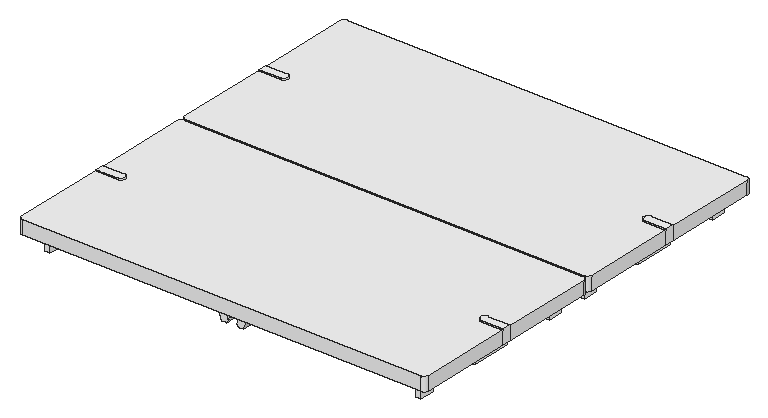
Revit family "Gira_502212", category Electrical Fixtures, host Face, Revit 2017
Family settings
  Host = Face
  Maintain Annotation Orientation = No
  Round Connector Dimension = Use Diameter
  Part Type = Normal
  Cut with Voids When Loaded = No
  Shared = No
  Room Calculation Point = No
Parameters (values of type "rocker set 2-g PB sens.4 TS4 white gl.")
  URL = "https://www.gira.de/"
  Type Comments = ""
  Transparent = no
  Radio frequent bidirectional = no
  Model = ""
  Material = "Glass"
  Manufacturer = "Gira"
  Keynote = ""
  HeinzeBIM = "https://www.heinze.de/bim/rocker-set-2-g-pb-sens-4-ts4-white-gl-/a100941db3c18b5846a8346c85b83c5bf191ae06"
  HAN = "502212"
  GTIN = "4010337072041"
  Description = ""
  Default Elevation = 1219.2 mm
  Cost = 0
  Colour = "White"
  BIMSITE_PRODUCT_ID = "a100941db3c18b5846a8346c85b83c5bf191ae06"
  BIM = "https://media.live.bim.site/t/eyJhbGciOiJIUzI1NiIsInR5cCI6IkpXVCJ9.eyJjdCI6MSwidGYiOiJwdWJsaWMvZ2lyYS8wOWY1ZGI1LzQwXzUwMjEwMCBUUzQgV2lwcGVuc2V0IDJmYWNoLnJmYSIsImNpZCI6ImZlZDk4ZTlhLTFiZDgtNGM2OC1hNzNiLTc0YTk0ZTMxNTgyMyIsInJpZCI6IjVhZmMzYzhlODY2YjgzMmQ3YTRhOTYwZGQyOGU5NWRkIiwicGlkIjoiYTEwMDk0MWRiM2MxOGI1ODQ2YTgzNDZjODViODNjNWJmMTkxYWUwNiIsInNpZCI6IjYzNDcwIiwidXQiOjUsImxjIjoiZW4iLCJpYXQiOjE2MDc0MzkwMjgsImlzcyI6Imh0dHBzOi8vYXBpLmxpdmUuYmltLnNpdGUiLCJzdWIiOiI4ZDNhYTVjYi1lMDY2LTQ1OTgtYmUxNi02ZTE2ZWU3NDk1NmEifQ.FFSYYPs0pVMDGkuTy1_YwMK8Y8N1_KtPWyU3fFC2H6o/40_502100 TS4 Wippenset 2fach.rfa"
  Assembly Code = ""
Reference planes
  plane 1 "Center (Front/Back)": y = 0
  plane 2: z = 0
  plane 3 "Center (Left/Right)": x = 0
Dimensions and locks
  aligned and locked: plane 2 to host face
  aligned and locked: level to host face
Nested families
  nested 1: "40_502100 TS4 Wippenset 2fach" at (0, 0, 0), type "40_502100 TS4 Wippenset 2fach"
Definition of nested family "40_502100 TS4 Wippenset 2fach"
  Parameters
    White = none
  Reference planes
    plane 1 "Center (Front/Back)": y = 0
    plane 2: z = 0
    plane 3 "Center (Left/Right)": x = 0
  Forms (mm)
    Extrusion 1, solid, material <- "White", detail levels fine
      sketch origin (0, 0, 0) x (1, 0, 0) y (0, 1, 0)
        loop
          arc (-46.5, 47.5) -> (-47.207, 47.207) -> (-47.5, 46.5) r 1
          line (-47.5, 46.5) -> (-47.5, 24.8) -> (-42.5, 24.8)
          arc (-42.5, 24.8) -> (-41.5, 23.8) -> (-42.5, 22.8) r 1
          line (-42.5, 22.8) -> (-47.5, 22.8) -> (-47.5, 1.15)
          arc (-47.5, 1.15) -> (-47.207, 0.443) -> (-46.5, 0.15) r 1
          line (-46.5, 0.15) -> (46.5, 0.15)
          arc (46.5, 0.15) -> (47.207, 0.443) -> (47.5, 1.15) r 1
          line (47.5, 1.15) -> (47.5, 22.8) -> (42.5, 22.8)
          arc (42.5, 22.8) -> (41.5, 23.8) -> (42.5, 24.8) r 1
          line (42.5, 24.8) -> (47.5, 24.8) -> (47.5, 46.5)
          arc (47.5, 46.5) -> (47.207, 47.207) -> (46.5, 47.5) r 1
          line (46.5, 47.5) -> (-46.5, 47.5)
        loop
          arc (46.5, -47.5) -> (47.207, -47.207) -> (47.5, -46.5) r 1
          line (47.5, -46.5) -> (47.5, -24.8) -> (42.5, -24.8)
          arc (42.5, -24.8) -> (41.5, -23.8) -> (42.5, -22.8) r 1
          line (42.5, -22.8) -> (47.5, -22.8) -> (47.5, -1.15)
          arc (47.5, -1.15) -> (47.207, -0.443) -> (46.5, -0.15) r 1
          line (46.5, -0.15) -> (-46.5, -0.15)
          arc (-46.5, -0.15) -> (-47.207, -0.443) -> (-47.5, -1.15) r 1
          line (-47.5, -1.15) -> (-47.5, -22.8) -> (-42.5, -22.8)
          arc (-42.5, -22.8) -> (-41.5, -23.8) -> (-42.5, -24.8) r 1
          line (-42.5, -24.8) -> (-47.5, -24.8) -> (-47.5, -46.5)
          arc (-47.5, -46.5) -> (-47.207, -47.207) -> (-46.5, -47.5) r 1
          line (-46.5, -47.5) -> (46.5, -47.5)
      from 0 to 3.1
    Extrusion 2, solid, material <- "White", detail levels fine
      sketch origin (0, 0, 0) x (1, 0, 0) y (0, 1, 0)
        loop
          line (43.976, 44.188) -> (-43.976, 44.188) -> (-43.976, 0.15) -> (43.976, 0.15) -> (43.976, 44.188)
        loop
          line (43.976, -44.188) -> (43.976, -0.15) -> (-43.976, -0.15) -> (-43.976, -44.188) -> (43.976, -44.188)
      from 0 to -1.5
    Extrusion 3, solid, detail levels fine
      sketch origin (0, 0, 0) x (1, 0, 0) y (0, 0, 1)
        loop
          arc (-1.639, -4) -> (-1.115, -3.694) -> (-1.122, -3.087) r 0.603
          arc (-1.122, -3.087) -> (-0.011, -1.666) -> (1.122, -3.087) r 1.145
          arc (1.122, -3.087) -> (1.115, -3.694) -> (1.639, -4) r 0.603
          line (1.639, -4) -> (2.5, -4) -> (3.5, -1.5) -> (-3.5, -1.5) -> (-2.5, -4) -> (-1.639, -4)
      from 41.985 to 44.199
    Extrusion 4, solid, detail levels fine
      sketch origin (0, 0, 0) x (1, 0, 0) y (0, 0, -1)
        loop
          line (-1.639, 4) -> (-2.5, 4) -> (-3.5, 1.5) -> (3.5, 1.5) -> (2.5, 4) -> (1.639, 4)
          arc (1.639, 4) -> (1.115, 3.694) -> (1.122, 3.087) r 0.603
          arc (1.122, 3.087) -> (-0.011, 1.666) -> (-1.122, 3.087) r 1.145
          arc (-1.122, 3.087) -> (-1.115, 3.694) -> (-1.639, 4) r 0.603
      from 41.985 to 44.199
    Extrusion 5, solid, material <- "White", detail levels medium
      sketch origin (0, 0, 0) x (1, 0, 0) y (0, 1, 0)
        loop
          line (43.976, 44.188) -> (-43.976, 44.188) -> (-43.976, 0.15) -> (43.976, 0.15) -> (43.976, 44.188)
        loop
          line (43.976, -44.188) -> (43.976, -0.15) -> (-43.976, -0.15) -> (-43.976, -44.188) -> (43.976, -44.188)
      from 0 to -4
    Extrusion 6, solid, material <- "White", detail levels medium
      sketch origin (0, 0, 0) x (1, 0, 0) y (0, 1, 0)
        loop
          line (-47.5, 47.5) -> (-47.5, 0.15) -> (47.5, 0.15) -> (47.5, 47.5) -> (-47.5, 47.5)
        loop
          line (47.5, -47.5) -> (47.5, -0.15) -> (-47.5, -0.15) -> (-47.5, -47.5) -> (47.5, -47.5)
      from 0 to 3.3
    Extrusion 7, solid, material <- "White", detail levels fine
      sketch origin (0, 0, 0) x (1, 0, 0) y (0, 1, 0)
        loop
          line (-43.976, 44.188) -> (-43.976, 40.908) -> (-42.655, 40.908) -> (-42.655, 44.188) -> (-43.976, 44.188)
        loop
          line (43.976, 44.188) -> (42.655, 44.188) -> (42.655, 40.908) -> (43.976, 40.908) -> (43.976, 44.188)
        loop
          line (-43.976, -44.188) -> (-42.655, -44.188) -> (-42.655, -40.908) -> (-43.976, -40.908) -> (-43.976, -44.188)
        loop
          line (43.976, -44.188) -> (43.976, -40.908) -> (42.655, -40.908) -> (42.655, -44.188) -> (43.976, -44.188)
      from 0 to -4
    Extrusion 8, solid, detail levels fine
      sketch origin (0, 0, 0) x (1, 0, 0) y (0, 1, 0)
        loop
          line (-47.5, 24.8) -> (-47.5, 22.8) -> (-42.5, 22.8)
          arc (-42.5, 22.8) -> (-41.5, 23.8) -> (-42.5, 24.8) r 1
          line (-42.5, 24.8) -> (-47.5, 24.8)
        loop
          line (47.5, 24.8) -> (42.5, 24.8)
          arc (42.5, 24.8) -> (41.5, 23.8) -> (42.5, 22.8) r 1
          line (42.5, 22.8) -> (47.5, 22.8) -> (47.5, 24.8)
        loop
          line (-47.5, -24.8) -> (-42.5, -24.8)
          arc (-42.5, -24.8) -> (-41.5, -23.8) -> (-42.5, -22.8) r 1
          line (-42.5, -22.8) -> (-47.5, -22.8) -> (-47.5, -24.8)
        loop
          line (47.5, -24.8) -> (47.5, -22.8) -> (42.5, -22.8)
          arc (42.5, -22.8) -> (41.5, -23.8) -> (42.5, -24.8) r 1
          line (42.5, -24.8) -> (47.5, -24.8)
      from 0 to 3.3
    Extrusion 9, solid, detail levels coarse
      sketch origin (0, 0, 0) x (1, 0, 0) y (0, 1, 0)
        loop
          line (-47.5, 47.5) -> (-47.5, -47.5) -> (47.5, -47.5) -> (47.5, 47.5) -> (-47.5, 47.5)
      from -4 to 3.3
    Extrusion 10, solid, material <- "White", detail levels fine
      sketch origin (0, 23.8, 0) x (1, 0, 0) y (0, 1, 0)
        loop
          line (-41.852, 6.181) -> (-43.976, 4.461) -> (-43.976, -4.461) -> (-41.852, -6.181)
          arc (-41.852, -6.181) -> (-38.884, -6.014) -> (-38.763, -3.043) r 2.212
          line (-38.763, -3.043) -> (-38.763, 3.043)
          arc (-38.763, 3.043) -> (-38.884, 6.014) -> (-41.852, 6.181) r 2.212
        loop
          arc (-39.415, 3.847) -> (-39.669, 5.38) -> (-41.223, 5.404) r 1.212
          line (-41.223, 5.404) -> (-42.938, 4.015) -> (-40.57, 1.883) -> (-39.415, 3.847)
        loop
          line (-39.415, -3.847) -> (-40.57, -1.883) -> (-42.938, -4.015) -> (-41.223, -5.404)
          arc (-41.223, -5.404) -> (-39.669, -5.38) -> (-39.415, -3.847) r 1.212
        loop
          arc (41.852, 6.181) -> (38.884, 6.014) -> (38.763, 3.043) r 2.212
          line (38.763, 3.043) -> (38.763, -3.043)
          arc (38.763, -3.043) -> (38.884, -6.014) -> (41.852, -6.181) r 2.212
          line (41.852, -6.181) -> (43.976, -4.461) -> (43.976, 4.461) -> (41.852, 6.181)
        loop
          line (39.415, 3.847) -> (40.57, 1.883) -> (42.938, 4.015) -> (41.223, 5.404)
          arc (41.223, 5.404) -> (39.669, 5.38) -> (39.415, 3.847) r 1.212
        loop
          arc (39.415, -3.847) -> (39.669, -5.38) -> (41.223, -5.404) r 1.212
          line (41.223, -5.404) -> (42.938, -4.015) -> (40.57, -1.883) -> (39.415, -3.847)
      from 0 to -3.6
    Extrusion 11, solid, detail levels fine
      sketch origin (0, -22.503, 0) x (1, 0, 0) y (0, 0, -1)
        loop
          line (-1.639, 4) -> (-2.5, 4) -> (-3.5, 1.5) -> (3.5, 1.5) -> (2.5, 4) -> (1.639, 4)
          arc (1.639, 4) -> (1.115, 3.694) -> (1.122, 3.087) r 0.603
          arc (1.122, 3.087) -> (-0.011, 1.666) -> (-1.122, 3.087) r 1.145
          arc (-1.122, 3.087) -> (-1.115, 3.694) -> (-1.639, 4) r 0.603
      from 28.117 to 25.903
    Extrusion 12, solid, material <- "White", detail levels fine
      sketch origin (0, -25, 0) x (1, 0, 0) y (0, 1, 0)
        loop
          line (-43.976, 21.601) -> (-43.976, 18.309) -> (-42.655, 18.309) -> (-42.655, 21.601) -> (-43.976, 21.601)
        loop
          line (43.976, 21.601) -> (42.655, 21.601) -> (42.655, 18.309) -> (43.976, 18.309) -> (43.976, 21.601)
        loop
          line (-43.976, -19.188) -> (-42.655, -19.188) -> (-42.655, -15.908) -> (-43.976, -15.908) -> (-43.976, -19.188)
        loop
          line (43.976, -19.188) -> (43.976, -15.908) -> (42.655, -15.908) -> (42.655, -19.188) -> (43.976, -19.188)
      from 0 to -4
    Extrusion 13, solid, material <- "White", detail levels fine
      sketch origin (0, -23.8, 0) x (1, 0, 0) y (0, 1, 0)
        loop
          arc (-41.852, -6.181) -> (-38.884, -6.014) -> (-38.763, -3.043) r 2.212
          line (-38.763, -3.043) -> (-38.763, 3.043)
          arc (-38.763, 3.043) -> (-38.884, 6.014) -> (-41.852, 6.181) r 2.212
          line (-41.852, 6.181) -> (-43.976, 4.461) -> (-43.976, -4.461) -> (-41.852, -6.181)
        loop
          line (-39.415, -3.847) -> (-40.57, -1.883) -> (-42.938, -4.015) -> (-41.223, -5.404)
          arc (-41.223, -5.404) -> (-39.669, -5.38) -> (-39.415, -3.847) r 1.212
        loop
          arc (-39.415, 3.847) -> (-39.669, 5.38) -> (-41.223, 5.404) r 1.212
          line (-41.223, 5.404) -> (-42.938, 4.015) -> (-40.57, 1.883) -> (-39.415, 3.847)
        loop
          line (41.852, -6.181) -> (43.976, -4.461) -> (43.976, 4.461) -> (41.852, 6.181)
          arc (41.852, 6.181) -> (38.884, 6.014) -> (38.763, 3.043) r 2.212
          line (38.763, 3.043) -> (38.763, -3.043)
          arc (38.763, -3.043) -> (38.884, -6.014) -> (41.852, -6.181) r 2.212
        loop
          arc (39.415, -3.847) -> (39.669, -5.38) -> (41.223, -5.404) r 1.212
          line (41.223, -5.404) -> (42.938, -4.015) -> (40.57, -1.883) -> (39.415, -3.847)
        loop
          line (39.415, 3.847) -> (40.57, 1.883) -> (42.938, 4.015) -> (41.223, 5.404)
          arc (41.223, 5.404) -> (39.669, 5.38) -> (39.415, 3.847) r 1.212
      from 0 to -3.6
    Extrusion 14, solid, detail levels fine
      sketch origin (0, 22.503, 0) x (1, 0, 0) y (0, 0, 1)
        loop
          arc (-1.639, -4) -> (-1.115, -3.694) -> (-1.122, -3.087) r 0.603
          arc (-1.122, -3.087) -> (-0.011, -1.666) -> (1.122, -3.087) r 1.145
          arc (1.122, -3.087) -> (1.115, -3.694) -> (1.639, -4) r 0.603
          line (1.639, -4) -> (2.5, -4) -> (3.5, -1.5) -> (-3.5, -1.5) -> (-2.5, -4) -> (-1.639, -4)
      from 28.117 to 25.903
    Extrusion 15, solid, material <- "White", detail levels fine
      sketch origin (0, 25, 0) x (1, 0, 0) y (0, 1, 0)
        loop
          line (-43.976, -21.601) -> (-42.655, -21.601) -> (-42.655, -18.309) -> (-43.976, -18.309) -> (-43.976, -21.601)
        loop
          line (43.976, -21.601) -> (43.976, -18.309) -> (42.655, -18.309) -> (42.655, -21.601) -> (43.976, -21.601)
        loop
          line (-43.976, 19.188) -> (-43.976, 15.908) -> (-42.655, 15.908) -> (-42.655, 19.188) -> (-43.976, 19.188)
        loop
          line (43.976, 19.188) -> (42.655, 19.188) -> (42.655, 15.908) -> (43.976, 15.908) -> (43.976, 19.188)
      from 0 to -4
  Cuts and joins
    joined: Extrusion 2, Extrusion 7, Extrusion 10
  Dimensions and locks
    aligned and locked: level to plane 2
